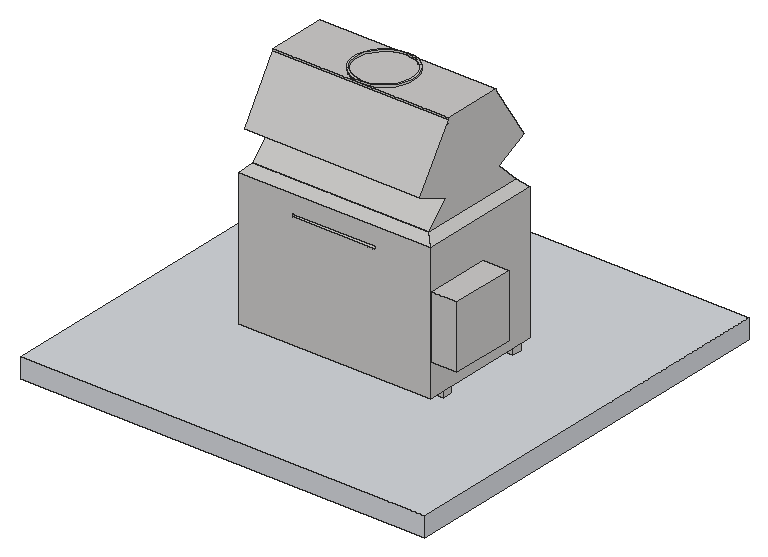
Revit family "DC_Rheem_PLM_Raypak_B0868ID", category Plumbing Fixtures, host Face, Revit 2017
Family settings
  Host = Face
  Round Connector Dimension = Use Radius
  Part Type = Normal
  Cut with Voids When Loaded = No
  Shared = No
  Room Calculation Point = No
Parameters (values of type "Raypak - Gas Water Heater- Indoor - 870 MJ/h  Natural gas, modulating gas control")
  Width_ANZRS = 1160 mm
  URL = "http://www.rheem.com.au/CommercialProducts"
  Type Comments = "Recovery 3354L/h @ 50°C rise\r\n"
  TopH2_ANZRS = 125 mm
  TopH1_ANZRS = 350 mm
  TopDiaSmall_ANZRl = 355 mm
  TopDiaBig_ANZRS = 785 mm
  T_ANZRS = 50 mm
  Materials_ANZRS = Raypak - Grey Powder Coated Steel
  PRVDist_ANZRS = 85 mm
  PRV_ANZRS = 15 mm
  Model = "B0868NCM/ID\r\n"
  Manufacturer = "Raypak\r\n"
  Length_ANZRS = 750 mm
  L1_ANZRS = 387 mm
  HotWateroutletradius_ANZRS = 32.5 mm
  HotWateroutletDiameter_ANZRS = HotWateroutletradius_ANZRS * 2  # 65 mm
  HotWaterConn.Dist_ANZRS = 155 mm
  Height_ANZRS = 1460 mm
  H1_ANZRS = 935 mm
  GasInletradius_ANZRS = 20 mm
  GasInletHeight_ANZRS = 435 mm
  GasInletDiameter_ANZRS = GasInletradius_ANZRS * 2  # 40 mm
  GasConn.Dist_ANZRS = 95 mm
  EleBoxW_ANZRS = 160 mm
  EleBoxHeightFromBase_ANZRS = 235 mm
  EleBoxHeight_ANZRS = 380 mm
  DesignBy_ANZRS = "Design Content ©"
  Description = "Raypak - Gas Water Heater- Indoor - 870 MJ/h  Natural gas, modulating gas control\r\n"
  Default Elevation = 0 mm
  ConnHeight_ANZRS = 745 mm
  ColdWaterInletRadius_ANZRS = 32.5 mm
  ColdWaterInletDiameter_ANZRS = ColdWaterInletRadius_ANZRS * 2  # 65 mm
  ColdWaterConn.Dist_ANZRS = 280 mm
  BoxHeight_ANZRS = 850 mm
  Base1Dist_ANZRS = 75 mm
  BaseWidth_ANZRS = 55 mm
  BaseHeight_ANZRS = 35 mm
  Basae2Dist_ANZRS = 95 mm
  Author_ANZRS = "DM"
  Assembly Code = ""
Types (5, lengths in mm): name | URL | Type Comments | Model | GasInletradius_ANZRS | GasInletDiameter_ANZRS | Description
  (no name) | "http://www.rheem.com.au/downloads/PDF/Raypak_Mechanical_Heating_Brochure_July_09.pdf\r\n" | "Recovery 3096L/h @ 50°C rise\r\n" | "B0868PCM/ID\r\n" | 10 | 20 | "Raypak - Gas Water Heater- Indoor - 820 MJ/h  Propane gas, modulating gas control\r\n"
  Raypak - Gas Water Heater- Indoor - 870 MJ/h  Natural gas, modulating gas control | "http://www.rheem.com.au/CommercialProducts" | "Recovery 3354L/h @ 50°C rise\r\n" | "B0868NCM/ID\r\n" | 20 | 40 | "Raypak - Gas Water Heater- Indoor - 870 MJ/h  Natural gas, modulating gas control\r\n"
  Raypak - Gas Water Heater- Indoor - 870 MJ/h  Natural gas, On/Off gas control | "http://www.rheem.com.au/CommercialProducts" | "Recovery 3354L/h @ 50°C rise\r\n" | "B0868NCO/ID\r\n" | 20 | 40 | "Raypak - Gas Water Heater- Indoor - 870 MJ/h  Natural gas, On/Off gas control\r\n"
  Raypak - Gas Water Heater- Indoor - 820 MJ/h  Propane gas, modulating gas control | "http://www.rheem.com.au/CommercialProducts" | "Recovery 3096L/h @ 50°C rise\r\n" | "B0868PCM/ID\r\n" | 10 | 20 | "Raypak - Gas Water Heater- Indoor - 820 MJ/h  Propane gas, modulating gas control\r\n"
  Raypak - Gas Water Heater- Indoor - 820 MJ/h  Propane gas, On/Off gas control | "http://www.rheem.com.au/CommercialProducts" | "Recovery 3096L/h @ 50°C rise\r\n" | "B0868PCO/ID\r\n\r\n" | 16 | 32 | "Raypak - Gas Water Heater- Indoor - 820 MJ/h  Propane gas, On/Off gas control\r\n"
Reference planes
  plane 1 "Center (Front/Back)": y = 0
  plane 2: z = 0
  plane 3 "Center (Left/Right)": x = 0
  plane 4: y = 375
  plane 5: y = -375
  plane 6: x = -580
  plane 7: x = 580
  plane 8: z = 35
  plane 9: z = 850
  plane 10: y = 300
  plane 11: y = 245
  plane 12: y = -225
  plane 13: y = -280
  plane 14: y = -280
  plane 15: y = 220
  plane 16: y = -60
  plane 17: z = 745
  plane 18: y = 290
  plane 19: y = 177.5
  plane 20: y = -177.5
  plane 21: y = 392.5
  plane 22: y = -392.5
  plane 23: z = 1460
  plane 24: z = 1110
  plane 25: z = 985
  plane 26: y = 325
  plane 27: y = -325
  plane 28: z = 900
  plane 29: z = 435
  plane 30: x = -392.5
  plane 31: x = 392.5
  plane 32: x = -177.5
  plane 33: x = 177.5
  plane 34: x = 740
  plane 35: z = 615
  plane 36: z = 235
  plane 37: z = 725
  plane 38: x = 250
  plane 39: x = -250
  plane 40: y = -365
  plane 41: x = -570
  plane 42: z = 1440
  plane 43: z = 1450
  plane 44: y = -167.5
  plane 45: y = 325
  plane 46: y = -325
  plane 47: x = 530
  plane 48: x = -530
  plane 49: y = 10
Forms (mm)
  Extrusion 1, solid
    sketch origin (0, 0, 0) x (1, 0, 0) y (0, 1, 0)
      loop
        line (-1219.2, 1219.2) -> (-1219.2, -1219.2) -> (1219.2, -1219.2) -> (1219.2, 1219.2) -> (-1219.2, 1219.2)
    from 0 to -120
  Extrusion 2, solid, material "Raypak - Grey Powder Coated Steel" <- "Materials_ANZRS"
    sketch origin (0, 0, 0) x (1, 0, 0) y (0, 1, 0)
      loop
        line (-580, 375) -> (-580, -375) -> (580, -375) -> (580, 375) -> (-580, 375)
    from 35 to 850
  Extrusion 3, solid, material "Raypak - Grey Powder Coated Steel" <- "Materials_ANZRS"
    sketch origin (0, 0, 0) x (0, 1, 0) y (0, 0, 1)
      loop
        line (300, 35) -> (245, 35) -> (245, 0) -> (300, 0) -> (300, 35)
      loop
        line (-225, 35) -> (-280, 35) -> (-280, 0) -> (-225, 0) -> (-225, 35)
    from -580 to 580
  Extrusion 4, solid, material "Raypak - Grey Powder Coated Steel" <- "Materials_ANZRS"
    sketch origin (0, 0, 0) x (1, 0, 0) y (0, 0, 1)
      loop
        line (580, 615) -> (580, 235) -> (740, 235) -> (740, 615) -> (580, 615)
    from -10 to 375
  Extrusion 5, void
    sketch origin (0, 0, 0) x (1, 0, 0) y (0, 0, 1)
      loop
        line (-250, 745) -> (-250, 725) -> (250, 725) -> (250, 745) -> (-250, 745)
    from 344.946 to 375
  Extrusion 6, void
    sketch origin (0, 0, 0) x (0, 1, 0) y (0, 0, 1)
      loop
        circle (290, 745) r 15
      loop
        circle (220, 745) r 32.5
      loop
        circle (-60, 745) r 32.5
      loop
        circle (-280, 435) r 20
    from -580 to -570
  Blend 7, solid, material "Raypak - Grey Powder Coated Steel" <- "Materials_ANZRS"
    base sketch origin (0, 0, 0) x (1, 0, 0) y (0, 1, 0)
      loop
        line (-580, 375) -> (-580, -375) -> (580, -375) -> (580, 375) -> (-580, 375)
    top sketch origin (0, 0, 0) x (1, 0, 0) y (0, 1, 0)
      loop
        line (530, 325) -> (-530, 325) -> (-530, -325) -> (530, -325) -> (530, 325)
    from 850 to 900
  Extrusion 8, solid, material "Raypak - Grey Powder Coated Steel" <- "Materials_ANZRS"
    sketch origin (0, 0, 0) x (0, 1, 0) y (0, 0, 1)
      loop
        line (177.5, 1440) -> (177.5, 1450) -> (-177.5, 1450) -> (-177.5, 1440) -> (-392.5, 1110) -> (-200.648, 1024.352) -> (-325, 900) -> (325, 900) -> (200.648, 1024.352) -> (392.5, 1110) -> (177.5, 1440)
    from -530 to 530
  Revolve 9, solid, material "Raypak - Grey Powder Coated Steel" <- "Materials_ANZRS"
    sketch origin (0, 0, 0) x (0, 1, 0) y (0, 0, 1)
      loop
        line (-177.5, 1450) -> (-167.5, 1450) -> (-167.5, 1460) -> (-177.5, 1460) -> (-177.5, 1450)
      axis (0, 1460) -> (0, 1450)
    angle from 0 to 360
Cuts and joins
  Extrusion 5, Extrusion 6 cuts Extrusion 2
Lines and regions (mm)
  Masking region 1
    outline origin (0, 0, 0) x (1, 0, 0) y (0, 1, 0)
      loop
        line (-580, 375) -> (-580, -375) -> (-530, -375) -> (-530, -392.5) -> (530, -392.5) -> (530, -375) -> (580, -375) -> (740, -375) -> (740, 10) -> (580, 10) -> (580, 375) -> (530, 375) -> (530, 392.5) -> (-530, 392.5) -> (-530, 375) -> (-580, 375)
  Masking region 2
    outline origin (0, 0, 0) x (1, 0, 0) y (0, 0, 1)
      loop
        line (-530, 1450) -> (-530, 900) -> (-580, 850) -> (-580, 0) -> (580, 0) -> (580, 235) -> (740, 235) -> (740, 615) -> (580, 615) -> (580, 850) -> (530, 900) -> (530, 1450) -> (177.5, 1450) -> (177.5, 1460) -> (-177.5, 1460) -> (-177.5, 1450) -> (-530, 1450)
  Masking region 3
    outline origin (0, 0, 0) x (0, 1, 0) y (0, 0, 1)
      loop
        line (-177.5, 1460) -> (-177.5, 1440) -> (-392.5, 1110) -> (-200.648, 1024.352) -> (-375, 850) -> (-375, 0) -> (375, 0) -> (375, 850) -> (200.648, 1024.352) -> (392.5, 1110) -> (177.5, 1440) -> (177.5, 1460) -> (-177.5, 1460)
  symbolic lines, style "Rheem Raypak", detail levels fine
    curve 1: line (-530, 392.5, 0) -> (530, 392.5, 0)
    curve 2: line (-530, -392.5, 0) -> (-530, 392.5, 0)
    curve 3: line (530, -392.5, 0) -> (-530, -392.5, 0)
    curve 4: line (530, 392.5, 0) -> (530, -392.5, 0)
    curve 5: line (530, 177.5, 0) -> (-530, 177.5, 0)
    curve 6: line (-530, -177.5, 0) -> (530, -177.5, 0)
    curve 7: arc (0, 177.5, 0) -> (177.5, 0, 0) -> (0, -177.5, 0) r 177.5
    curve 8: arc (0, -177.5, 0) -> (-177.5, 0, 0) -> (0, 177.5, 0) r 177.5
    curve 9: arc (0, -167.5, 0) -> (-167.5, 0, 0) -> (0, 167.5, 0) r 167.5
    curve 10: arc (0, 167.5, 0) -> (167.5, 0, 0) -> (0, -167.5, 0) r 167.5
    curve 11: line (-580, 375, 0) -> (-580, -375, 0)
    curve 12: line (580, -375, 0) -> (580, 375, 0)
    curve 13: line (-580, -375, 0) -> (-530, -375, 0)
    curve 14: line (580, 375, 0) -> (530, 375, 0)
    curve 15: line (530, 325, 0) -> (580, 375, 0)
    curve 16: line (580, -375, 0) -> (530, -325, 0)
    curve 17: line (-580, -375, 0) -> (-530, -325, 0)
    curve 18: line (-580, 375, 0) -> (-530, 325, 0)
    curve 19: line (740, 10, 0) -> (580, 10, 0)
    curve 20: line (740, -375, 0) -> (740, 10, 0)
    curve 21: line (580, -375, 0) -> (740, -375, 0)
    curve 22: line (530, -375, 0) -> (580, -375, 0)
    curve 23: line (-530, 375, 0) -> (-580, 375, 0)
    curve 24: line (-530, 0, 1450) -> (-530, 0, 900)
    curve 25: line (365, 0, 1450) -> (-530, 0, 1450)
    curve 26: line (-177.5, 0, 1460) -> (177.5, 0, 1460)
    curve 27: line (177.5, 0, 1450) -> (177.5, 0, 1460)
    curve 28: line (-177.5, 0, 1450) -> (-177.5, 0, 1460)
    curve 29: line (-530, 0, 1440) -> (365, 0, 1440)
    curve 30: line (-530, 0, 1110) -> (530, 0, 1110)
    curve 31: line (-530, 0, 1024.352) -> (530, 0, 1024.352)
    curve 32: line (-530, 0, 900) -> (530, 0, 900)
    curve 33: line (-530, 0, 900) -> (-580, 0, 850)
    curve 34: line (580, 0, 35) -> (580, 0, 850)
    curve 35: line (-580, 0, 850) -> (-580, 0, 35)
    curve 36: line (-580, 0, 850) -> (580, 0, 850)
    curve 37: line (-580, 0, 35) -> (580, 0, 35)
    curve 38: line (-580, 0, 35) -> (-580, 0, 0)
    curve 39: line (-580, 0, 0) -> (580, 0, 0)
    curve 40: line (580, 0, 0) -> (580, 0, 35)
    curve 41: line (580, 0, 235) -> (740, 0, 235)
    curve 42: line (740, 0, 235) -> (740, 0, 615)
    curve 43: line (740, 0, 615) -> (580, 0, 615)
    curve 44: line (250, 0, 745) -> (-250, 0, 745)
    curve 45: line (250, 0, 725) -> (250, 0, 745)
    curve 46: line (-250, 0, 725) -> (250, 0, 725)
    curve 47: line (-250, 0, 745) -> (-250, 0, 725)
    curve 48: line (580, 0, 850) -> (530, 0, 900)
    curve 49: line (0, -177.5, 1460) -> (0, 177.5, 1460)
    curve 50: line (0, 177.5, 1450) -> (0, -177.5, 1450)
    curve 51: line (0, -177.5, 1460) -> (0, -177.5, 1440)
    curve 52: line (0, 177.5, 1440) -> (0, 177.5, 1460)
    curve 53: line (0, -177.5, 1440) -> (0, -392.5, 1110)
    curve 54: line (0, 392.5, 1110) -> (0, 177.5, 1440)
    curve 55: line (0, 200.648, 1024.352) -> (0, 392.5, 1110)
    curve 56: line (0, -392.5, 1110) -> (0, -200.648, 1024.352)
    curve 57: line (0, -200.648, 1024.352) -> (0, -375, 850)
    curve 58: line (0, 375, 850) -> (0, 200.648, 1024.352)
    curve 59: line (0, -375, 850) -> (0, 375, 850)
    curve 60: line (0, -325, 900) -> (0, 325, 900)
    curve 61: line (0, -375, 850) -> (0, -375, 35)
    curve 62: line (0, 375, 35) -> (0, 375, 850)
    curve 63: line (0, -375, 35) -> (0, 375, 35)
    curve 64: line (0, 245, 35) -> (0, 245, 0)
    curve 65: line (0, 300, 0) -> (0, 300, 35)
    curve 66: line (0, 245, 0) -> (0, 300, 0)
    curve 67: line (0, -225, 0) -> (0, -225, 35)
    curve 68: line (0, -280, 35) -> (0, -280, 0)
    curve 69: line (0, -280, 0) -> (0, -225, 0)
    curve 70: arc (0, -300, 435) -> (0, -280, 415) -> (0, -260, 435) r 20
    curve 71: arc (0, -260, 435) -> (0, -280, 455) -> (0, -300, 435) r 20
    curve 72: arc (0, -92.5, 745) -> (0, -60, 712.5) -> (0, -27.5, 745) r 32.5
    curve 73: arc (0, -27.5, 745) -> (0, -60, 777.5) -> (0, -92.5, 745) r 32.5
    curve 74: arc (0, 187.5, 745) -> (0, 220, 712.5) -> (0, 252.5, 745) r 32.5
    curve 75: arc (0, 252.5, 745) -> (0, 220, 777.5) -> (0, 187.5, 745) r 32.5
    curve 76: arc (0, 305, 745) -> (0, 290, 760) -> (0, 275, 745) r 15
    curve 77: arc (0, 275, 745) -> (0, 290, 730) -> (0, 305, 745) r 15
Dimensions and locks
  equal spacing: plane 4, plane 1 "Center (Front/Back)", plane 5
  "Length_ANZRS": plane 4 to plane 5
  equal spacing: plane 6, plane 3 "Center (Left/Right)", plane 7
  "Width_ANZRS": plane 6 to plane 7
  "BaseHeight_ANZRS": plane 8 to Extrusion 1
  "BoxHeight_ANZRS": plane 9 to Extrusion 1
  "Base1Dist_ANZRS": plane 4 to plane 10
  "BaseWidth_ANZRS": plane 10 to plane 11
  "Basae2Dist_ANZRS": plane 13 to plane 5
  "BaseWidth_ANZRS": plane 12 to plane 13
  "GasConn.Dist_ANZRS": plane 14 to plane 5
  "HotWaterConn.Dist_ANZRS": plane 4 to plane 15
  "ColdWaterConn.Dist_ANZRS": plane 15 to plane 16
  "ConnHeight_ANZRS": plane 17 to Extrusion 1
  "PRVDist_ANZRS": plane 4 to plane 18
  equal spacing: plane 19, plane 1 "Center (Front/Back)", plane 20
  "TopDiaSmall_ANZRl": plane 19 to plane 20
  equal spacing: plane 21, plane 1 "Center (Front/Back)", plane 22
  "TopDiaBig_ANZRS": plane 21 to plane 22
  "Height_ANZRS": plane 23 to Extrusion 1
  "T_ANZRS": plane 4 to plane 26
  "T_ANZRS": plane 27 to plane 5
  "TopH1_ANZRS": plane 23 to plane 24
  "TopH2_ANZRS": plane 24 to plane 25
  "GasInletHeight_ANZRS": plane 29 to Extrusion 1
  equal spacing: plane 32, plane 3 "Center (Left/Right)", plane 33
  equal spacing: plane 30, plane 3 "Center (Left/Right)", plane 31
  "TopDiaBig_ANZRS": plane 30 to plane 31
  "TopDiaSmall_ANZRl": plane 32 to plane 33
  "EleBoxW_ANZRS": plane 34 to plane 7
  "EleBoxHeight_ANZRS": plane 35 to plane 36
  "EleBoxHeightFromBase_ANZRS": plane 36 to Extrusion 1
  equal spacing: plane 38, plane 3 "Center (Left/Right)", plane 39
  plane 38 to plane 39 = 500 mm
  locked: plane 40 to plane 5 at 10
  locked: plane 6 to plane 41 at 10
  "T_ANZRS": plane 28 to plane 9
  plane 23 to plane 42 = 20 mm
  equal spacing: plane 23, plane 43, plane 42
  locked: plane 44 to plane 20 at 10
  plane 45 to Extrusion 4 = 315 mm
  locked: Extrusion 4 to plane 46 at 50
  locked: plane 47 to plane 7 at 50
  locked: plane 6 to plane 48 at 50
  plane 9 to level = 850 mm
  "GasInletradius_ANZRS": radius of Extrusion 6 sketch curve
  "ColdWaterInletRadius_ANZRS": radius of Extrusion 6 sketch curve
  "HotWateroutletradius_ANZRS": radius of Extrusion 6 sketch curve
  "PRV_ANZRS": radius of Extrusion 6 sketch curve
  aligned and locked: plane 2 to Extrusion 1
  aligned and locked: level to Extrusion 1
  aligned and locked: Extrusion 2 sketch curve to plane 4
  aligned and locked: plane 6 to Extrusion 2 sketch curve
  aligned and locked: Extrusion 2 sketch curve to plane 5
  aligned and locked: plane 7 to Extrusion 2 sketch curve
  aligned and locked: Extrusion 2 to plane 8
  aligned and locked: plane 9 to Extrusion 2
  aligned and locked: plane 8 to Extrusion 3 sketch curve  (x2)
  aligned and locked: Extrusion 3 sketch curve to plane 10
  aligned and locked: Extrusion 3 sketch curve to level  (x2)
  aligned and locked: plane 11 to Extrusion 3 sketch curve
  aligned and locked: Extrusion 3 sketch curve to plane 12
  aligned and locked: plane 14 to Extrusion 3 sketch curve
  aligned and locked: Extrusion 3 to plane 6
  aligned and locked: Extrusion 3 to plane 7
  aligned and locked: Extrusion 4 sketch curve to plane 35
  aligned and locked: Extrusion 4 sketch curve to plane 7
  aligned and locked: plane 36 to Extrusion 4 sketch curve
  aligned and locked: Extrusion 4 sketch curve to plane 34
  aligned and locked: Extrusion 5 sketch curve to plane 17
  aligned and locked: plane 39 to Extrusion 5 sketch curve
  aligned and locked: plane 37 to Extrusion 5 sketch curve
  aligned and locked: Extrusion 5 sketch curve to plane 38
  aligned and locked: plane 5 to Extrusion 5
  aligned and locked: plane 17 to Extrusion 6 sketch curve  (x3)
  aligned and locked: plane 18 to Extrusion 6 sketch curve
  aligned and locked: plane 15 to Extrusion 6 sketch curve
  aligned and locked: plane 16 to Extrusion 6 sketch curve
  aligned and locked: plane 14 to Extrusion 6 sketch curve
  aligned and locked: plane 29 to Extrusion 6 sketch curve
  aligned and locked: Extrusion 6 to plane 6
  aligned and locked: Extrusion 6 to plane 41
  aligned and locked: Masking region 1 sketch curve to cut or joined group of Extrusion 2, Extrusion 5, Extrusion 6  (x3)
  aligned and locked: Masking region 1 sketch curve to Extrusion 4  (x2)
  aligned and locked: Blend 7 sketch curve to cut or joined group of Extrusion 2, Extrusion 5, Extrusion 6  (x4)
  aligned and locked: Blend 7 to plane 9
  aligned and locked: plane 28 to Blend 7
  aligned and locked: plane 19 to Extrusion 8 sketch curve
  aligned and locked: Extrusion 8 sketch curve to plane 20
  aligned and locked: Extrusion 8 sketch curve to Blend 7  (x2)
  aligned and locked: plane 28 to Extrusion 8 sketch curve
  aligned and locked: Extrusion 8 to Blend 7  (x2)
  aligned and locked: Extrusion 8 sketch curve to plane 43
  aligned and locked: Revolve 9 sketch curve to plane 20
  aligned and locked: plane 23 to Revolve 9 sketch curve
  aligned and locked: Extrusion 8 to Revolve 9 sketch curve
  aligned and locked: Revolve 9 sketch curve to plane 44
  aligned and locked: Masking region 2 sketch curve to Extrusion 8  (x3)
  aligned and locked: Masking region 2 sketch curve to Revolve 9
  aligned and locked: Masking region 2 sketch curve to Blend 7  (x2)
  aligned and locked: Masking region 2 sketch curve to cut or joined group of Extrusion 2, Extrusion 5, Extrusion 6  (x2)
  aligned and locked: Extrusion 1 to Masking region 2 sketch curve
  aligned and locked: Masking region 2 sketch curve to plane 33
  aligned and locked: Masking region 2 sketch curve to plane 32
  aligned and locked: Masking region 2 sketch curve to plane 35
  aligned and locked: Masking region 2 sketch curve to plane 34
  aligned and locked: Masking region 2 sketch curve to plane 36
  aligned and locked: Masking region 3 sketch curve to Revolve 9
  aligned and locked: Masking region 3 sketch curve to Extrusion 8  (x8)
  aligned and locked: Masking region 3 sketch curve to cut or joined group of Extrusion 2, Extrusion 5, Extrusion 6  (x2)
  aligned and locked: Extrusion 1 to Masking region 3 sketch curve
  aligned and locked: Masking region 1 sketch curve to plane 21
  aligned and locked: plane 22 to Masking region 1 sketch curve
  aligned and locked: Masking region 1 sketch curve to Extrusion 8  (x2)
  aligned: cut or joined group of Extrusion 2, Extrusion 5, Extrusion 6 to Extrusion 4
  aligned and locked: cut or joined group of Extrusion 2, Extrusion 5, Extrusion 6 to Extrusion 4
  aligned and locked: Blend 7 sketch curve to plane 48
  aligned and locked: Blend 7 sketch curve to plane 45
  aligned and locked: Blend 7 sketch curve to plane 47
  aligned and locked: Blend 7 sketch curve to plane 46
  aligned and locked: curve 72 to cut or joined group of Extrusion 2, Extrusion 5, Extrusion 6
  aligned and locked: curve 74 to cut or joined group of Extrusion 2, Extrusion 5, Extrusion 6
  aligned and locked: curve 70 to cut or joined group of Extrusion 2, Extrusion 5, Extrusion 6
  aligned and locked: curve 77 to cut or joined group of Extrusion 2, Extrusion 5, Extrusion 6
  aligned and locked: Extrusion 4 to Masking region 1
Automatic sketch dimensions
  Extrusion 1 sketch curve to Extrusion 1 sketch curve = 2438.4 mm  (x2)
  Extrusion 8 sketch curve to plane 22 = 0 mm
  Extrusion 8 sketch curve to plane 21 = 0 mm
  Extrusion 8 sketch curve to plane 24 = 0 mm  (x2)
  Extrusion 8 sketch curve to plane 42 = 0 mm  (x2)
  Extrusion 8 sketch curve to plane 12 = 24.352 mm
  plane 15 to Extrusion 8 sketch curve = 19.352 mm
  Revolve 9 sketch curve to plane 1 "Center (Front/Back)" = 0 mm
  Revolve 9 sketch curve to level = 2207.352 mm
  plane 23 to Revolve 9 sketch curve = 883.807 mm
  Masking region 2 sketch curve to plane 43 = 0 mm
  plane 7 to Masking region 2 sketch curve = 0 mm
  curve 37 to plane 6 = 0 mm
  curve 24 to plane 28 = 0 mm
  curve 24 to plane 48 = 0 mm
  curve 44 to plane 17 = 0 mm
  curve 44 to plane 39 = 0 mm
  curve 26 to plane 23 = 0 mm
  plane 32 to curve 26 = 0 mm
  plane 33 to curve 27 = 0 mm
  curve 46 to plane 37 = 0 mm
  curve 46 to plane 38 = 0 mm
  curve 29 to plane 42 = 0 mm
  curve 25 to plane 43 = 0 mm
  curve 30 to plane 24 = 0 mm
  plane 47 to curve 30 = 0 mm
  plane 47 to curve 32 = 0 mm
  plane 47 to curve 31 = 0 mm
  curve 40 to level = 0 mm
  plane 7 to curve 40 = 0 mm
  curve 43 to plane 34 = 0 mm
  curve 38 to plane 8 = 0 mm
  curve 41 to plane 36 = 0 mm
  curve 42 to plane 35 = 0 mm
  curve 35 to plane 9 = 0 mm
  curve 29 to plane 31 = 27.5 mm
  curve 25 to curve 29 = 0 mm
  curve 31 to plane 25 = 39.352 mm
  curve 56 to plane 22 = 0 mm
  curve 61 to plane 5 = 0 mm
  curve 60 to plane 27 = 0 mm
  curve 68 to plane 13 = 0 mm
  curve 67 to plane 12 = 0 mm
  curve 50 to plane 20 = 0 mm
  curve 54 to plane 19 = 0 mm
  curve 66 to level = 0 mm
  curve 66 to plane 11 = 0 mm
  curve 65 to plane 10 = 0 mm
  curve 60 to plane 26 = 0 mm
  curve 62 to plane 4 = 0 mm
  curve 55 to plane 21 = 0 mm
  curve 68 to level = 0 mm
  curve 67 to plane 8 = 0 mm
  curve 59 to plane 9 = 0 mm
  curve 60 to plane 28 = 0 mm
  curve 56 to plane 24 = 0 mm
  curve 54 to plane 24 = 0 mm
  curve 51 to plane 42 = 0 mm
  plane 42 to curve 52 = 0 mm
  curve 50 to plane 43 = 0 mm
  curve 49 to plane 23 = 0 mm
  plane 20 to curve 56 = 23.148 mm
  plane 15 to curve 58 = 19.352 mm
  curve 7 to curve 8 = 0 mm
  curve 7 to curve 9 = 0 mm  (x2)
  plane 5 to curve 11 = 0 mm
  curve 11 to plane 6 = 0 mm
  curve 2 to plane 21 = 0 mm
  curve 2 to plane 48 = 0 mm
  curve 8 to plane 3 "Center (Left/Right)" = 0 mm
  plane 5 to curve 22 = 0 mm
  curve 22 to plane 47 = 0 mm
  curve 19 to plane 7 = 0 mm
  curve 20 to plane 34 = 0 mm
  plane 22 to curve 3 = 0 mm
  curve 17 to plane 27 = 0 mm
  curve 16 to plane 27 = 0 mm
  plane 20 to curve 8 = 0 mm
  plane 44 to curve 9 = 0 mm
  plane 1 "Center (Front/Back)" to curve 8 = 0 mm
  plane 26 to curve 15 = 0 mm
  plane 26 to curve 18 = 0 mm
  curve 11 to plane 4 = 0 mm
  curve 14 to plane 4 = 0 mm
  plane 49 to curve 19 = 0 mm
  plane 5 to Masking region 1 sketch curve = 0 mm
  Masking region 1 sketch curve to plane 48 = 0 mm
  Masking region 1 sketch curve to plane 47 = 0 mm
  Masking region 1 sketch curve to plane 4 = 0 mm
  Masking region 1 sketch curve to plane 7 = 0 mm  (x3)
  plane 49 to Masking region 1 sketch curve = 0 mm
Connectors
  piping at (-580, 290, 745), diameter 30, driven by "PRV_ANZRS"
    settings: on cut or joined group of Extrusion 2, Extrusion 5, Extrusion 6, index 1, connector inside diameter 1.1811", connector length 0 mm, flow factor 0, pipe flow 0 GPM, pressure drop 0.00 psi, fitting loss kfactor 0, connector angle 0.00°, fixture units 0, engagement length 0 mm, angle of deflection 0.00°, flow configuration 1, flow direction 2, fitting loss method 0, system type 22, joint type 0, gender type 0, connector reference index -1, connector utility 0, adjustable connector no, is connector primary yes, connector description "PRV"
  piping at (-580, 220, 745), diameter 65, driven by "HotWateroutletradius_ANZRS"
    settings: on cut or joined group of Extrusion 2, Extrusion 5, Extrusion 6, index 2, connector inside diameter 2.55906", connector length 0 mm, flow factor 0, pipe flow 0 GPM, pressure drop 0.00 psi, fitting loss kfactor 0, connector angle 0.00°, fixture units 0, engagement length 0 mm, angle of deflection 0.00°, flow configuration 1, flow direction 2, fitting loss method 0, system type 19, joint type 0, gender type 0, connector reference index -1, connector utility 0, adjustable connector no, is connector primary no, connector description ""
  piping at (-580, -60, 745), diameter 65, driven by "ColdWaterInletRadius_ANZRS"
    settings: on cut or joined group of Extrusion 2, Extrusion 5, Extrusion 6, index 3, connector inside diameter 2.55906", connector length 0 mm, flow factor 0, pipe flow 0 GPM, pressure drop 0.00 psi, fitting loss kfactor 0, connector angle 0.00°, fixture units 0, engagement length 0 mm, angle of deflection 0.00°, flow configuration 1, flow direction 1, fitting loss method 0, system type 20, joint type 0, gender type 0, connector reference index -1, connector utility 0, adjustable connector no, is connector primary no, connector description ""
  piping at (-580, -280, 435), diameter 40, driven by "GasInletradius_ANZRS"
    settings: on cut or joined group of Extrusion 2, Extrusion 5, Extrusion 6, index 4, connector inside diameter 0.7874", connector length 0 mm, flow factor 0, pipe flow 0 GPM, pressure drop 0.00 psi, fitting loss kfactor 0, connector angle 0.00°, fixture units 0, engagement length 0 mm, angle of deflection 0.00°, flow configuration 1, flow direction 1, fitting loss method 0, system type 22, joint type 0, gender type 0, connector reference index -1, connector utility 0, adjustable connector no, is connector primary no, connector description "Gas"
